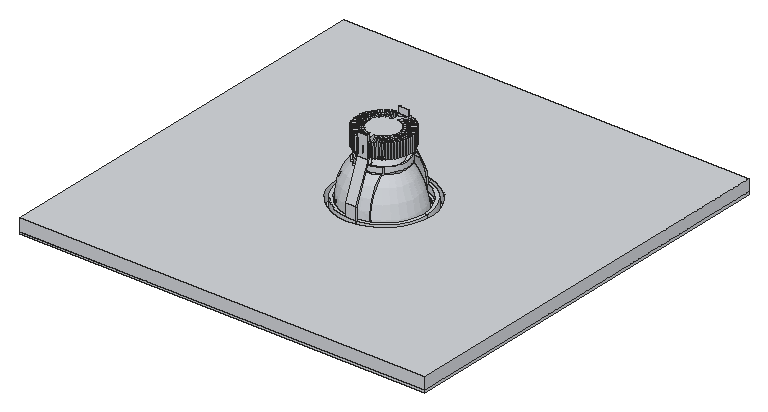
Revit family "Trimless VPX124 Corner Wallwasher", category Lighting Fixtures, Revit 2014
Parameters (values of type "Trimless VPX124 Corner Wallasher")
  Wattage Comments = "19.5"
  Wattage = 19.5 W
  built-in parameter 1150110 = 1 (stored number, unit not read)
  Type Comments = "Recessed Trimless"
  Type = "Trimless VPX124 Corner Wallwasher"
  built-in parameter 1114217 = 1 (stored number, unit not read)
  Tilt Angle = 90.00°
  built-in parameter 1150109 = 1 (stored number, unit not read)
  built-in parameter 1150134 = (empty or 0)
  built-in parameter 1150113 = 1 (stored number, unit not read)
  Photometric Web File = "C3708.ies"
  O/A Diameter (mm) = "124"
  Model = "VPX124 Corner Wallwasher"
  Manufacturer = "Designed Architectural Lighting"
  Luminous flux of luminaire (lm) = "2000"
  Lumens = 1998.75 lm
  built-in parameter 1150115 = 1 (stored number, unit not read)
  built-in parameter 1150105 = 159.06 (stored number, unit not read)
  built-in parameter 1150137 = (empty or 0)
  built-in parameter 1150139 = (empty or 0)
  built-in parameter 1150112 = 1 (stored number, unit not read)
  built-in parameter 1150114 = 1 (stored number, unit not read)
  Lamp = "LED"
  built-in parameter 1150132 = (empty or 0)
  built-in parameter 1150102 = (empty or 0)
  built-in parameter 1150138 = (empty or 0)
  built-in parameter 1150107 = 3000 (stored number, unit not read)
  built-in parameter 1150106 = 1.5906 (stored number, unit not read)
  Height (mm) = "125"
  built-in parameter 1150104 = 9.5226 (stored number, unit not read)
  Dimming Lamp Color Temperature Shift = <None>
  Description = "Recessed low brightness LED corner wallwasher"
  Cut Out (mm) = "140"
  Colour temperature (K) = "27000/3000/3500/4000"
  Color Filter = 16777215
  CRI = "80"
  built-in parameter 1114218 = 1 (stored number, unit not read)
  built-in parameter 1150133 = 10 (stored number, unit not read)
  Apparent Load = 19.5 VA
  Aperture (mm) = "104"
Reference planes
  plane 1 "Light Source Axis (F/B)": y = 0
  plane 2: z = 0
  plane 3 "Light Source Axis (L/R)": x = 0
  plane 4 "Light Source Elevation": z = 0
Forms (mm)
  Revolve 1, solid
    sketch origin (0, 0, 0) x (0, 1, 0) y (0, 0, 1)
      loop
        line (32.218, 76.537) -> (28.444, 76.537)
        arc (28.444, 76.537) -> (26.215, 75.748) -> (24.979, 73.732) r 3.542
        arc (24.979, 73.732) -> (15.057, 61.32) -> (0, 56.241) r 28.205
        line (0, 56.241) -> (0, 53.625)
        arc (0, 53.625) -> (17.499, 59.158) -> (28.444, 73.891) r 29.818
        line (28.444, 73.891) -> (32.218, 73.891) -> (32.218, 76.537)
      axis (0, 76.537) -> (0, 53.625)
    angle from 0 to 360
  Extrusion 2, solid
    sketch origin (1.875, -0.625, 0) x (1, 0, 0) y (0, 1, 0)
      loop
        line (-8.491, -38.066) -> (-8.491, -39.735) -> (6.509, -39.735) -> (6.509, -38.066) -> (-8.491, -38.066)
    from 92.996 to 125.22
  Extrusion 3, solid
    sketch origin (2.075, 80.578, 0) x (1, 0, 0) y (0, 1, 0)
      loop
        line (-9.083, -44.263) -> (-9.083, -45.652) -> (5.917, -45.652) -> (5.917, -44.263) -> (-9.083, -44.263)
    from 92.996 to 126.242
  Extrusion 4, solid
    sketch origin (2.075, -30.991, 0) x (1, 0, 0) y (0, 1, 0)
      loop
        line (-8.69, -30.82) -> (-8.69, -32.379) -> (6.31, -32.379) -> (6.31, -30.82) -> (-8.69, -30.82)
    from 3.8 to 40.975
  Extrusion 5, solid
    sketch origin (2.075, -21.759, 34.16) x (1, 0, 0) y (0, 0.914866, -0.403758)
      loop
        line (-8.69, -39.191) -> (-8.69, -40.839) -> (6.31, -40.839) -> (6.31, -39.191) -> (-8.69, -39.191)
    from -10.751 to 47.238
  Extrusion 6, solid
    sketch origin (2.075, 94.051, 69.507) x (1, 0, 0) y (0, 0.889554, 0.45683)
      loop
        line (-9.083, -40.714) -> (-9.083, -41.951) -> (5.917, -41.951) -> (5.917, -40.714) -> (-9.083, -40.714)
    from -11.237 to 48.07
  Extrusion 7, solid
    sketch origin (2.075, 110.905, 0) x (1, 0, 0) y (0, 1, 0)
      loop
        line (-9.083, -47.907) -> (-9.083, -49.183) -> (5.917, -49.183) -> (5.917, -47.907) -> (-9.083, -47.907)
    from 3.8 to 40.975
  Revolve 8, solid
    sketch origin (-0.002, -0.001, 0.156) x (0, 1, 0) y (0, 0, 1)
      loop
        line (51.509, 0) -> (61.509, 0) -> (61.509, 1.419) -> (53.446, 1.419)
        arc (53.446, 1.419) -> (47.529, 38.453) -> (29.678, 71.437) r 111.611
        arc (29.678, 71.437) -> (29.923, 72.028) -> (30.514, 72.273) r 0.836
        line (30.514, 72.273) -> (33.262, 72.273)
        arc (33.262, 72.273) -> (34.281, 72.91) -> (34.679, 74.044) r 1.816
        line (34.679, 74.044) -> (34.679, 82.273) -> (33.262, 82.273) -> (33.262, 73.732) -> (29.268, 73.732)
        arc (29.268, 73.732) -> (28.406, 72.748) -> (27.978, 71.512) r 3.409
        arc (27.978, 71.512) -> (46.014, 37.819) -> (51.509, 0) r 110.622
      axis (0, 82.273) -> (0, 0)
    angle from 0 to 360
  Extrusion 9, solid
    sketch origin (-38.915, -66.166, 3.359) x (1, 0, 0) y (0, 1, 0)
      loop
        line (-261.085, 366.181) -> (-261.085, -233.819) -> (338.915, -233.819) -> (338.915, 366.181) -> (-261.085, 366.181)
      loop
        circle (38.915, 66.181) r 70
    from 0 to 18
  Revolve 10, solid
    sketch origin (0, 0, 0) x (0, 1, 0) y (0, 0, 1)
      loop
        line (32.58, 77.504) -> (25.618, 77.504) -> (19.543, 86.509)
        arc (19.543, 86.509) -> (19.242, 88.412) -> (20.857, 89.461) r 1.768
        line (20.857, 89.461) -> (27.065, 89.461)
        arc (27.065, 89.461) -> (28.652, 90.036) -> (29.779, 91.291) r 3.466
        line (29.779, 91.291) -> (29.779, 96.291) -> (28.776, 96.291) -> (28.776, 92.372)
        arc (28.776, 92.372) -> (28.206, 90.996) -> (26.83, 90.426) r 1.946
        line (26.83, 90.426) -> (20.734, 90.426)
        arc (20.734, 90.426) -> (18.503, 89.004) -> (18.665, 86.364) r 2.606
        line (18.665, 86.364) -> (25.283, 76.552) -> (32.58, 76.552) -> (32.58, 77.504)
      axis (0, 96.291) -> (0, 76.552)
    angle from 0 to 360
  Extrusion 11, solid
    sketch origin (0.632, -2.118, 0) x (0, 1, 0) y (-1, 0, 0)
      loop
        line (8.036, -21.346) -> (9.763, -25.224)
        arc (9.763, -25.224) -> (9.158, -26.377) -> (9.105, -27.677) r 2.965
        line (9.105, -27.677) -> (12.96, -37.219)
        arc (12.96, -37.219) -> (13.673, -37.522) -> (13.976, -36.809) r 0.548
        line (13.976, -36.809) -> (10.23, -27.537)
        arc (10.23, -27.537) -> (10.843, -26.092) -> (12.288, -26.705) r 1.11
        line (12.288, -26.705) -> (16.28, -35.672)
        arc (16.28, -35.672) -> (17.02, -35.956) -> (17.304, -35.216) r 0.56
        line (17.304, -35.216) -> (13.182, -25.959)
        arc (13.182, -25.959) -> (12.31, -24.958) -> (11.028, -24.618) r 2.262
        line (11.028, -24.618) -> (9.403, -20.596) -> (11.989, -19.445) -> (14.463, -22.849)
        arc (14.463, -22.849) -> (14.111, -24.102) -> (14.33, -25.385) r 2.965
        line (14.33, -25.385) -> (20.084, -33.917)
        arc (20.084, -33.917) -> (20.845, -34.065) -> (20.992, -33.305) r 0.548
        line (20.992, -33.305) -> (15.4, -25.014)
        arc (15.4, -25.014) -> (15.7, -23.474) -> (17.241, -23.773) r 1.11
        line (17.241, -23.773) -> (23.009, -31.713)
        arc (23.009, -31.713) -> (23.792, -31.837) -> (23.916, -31.055) r 0.56
        line (23.916, -31.055) -> (17.96, -22.857)
        arc (17.96, -22.857) -> (16.899, -22.059) -> (15.574, -21.994) r 2.262
        line (15.574, -21.994) -> (13.148, -18.397) -> (15.119, -16.427) -> (18.389, -19.585)
        arc (18.389, -19.585) -> (18.26, -20.88) -> (18.699, -22.105) r 2.965
        line (18.699, -22.105) -> (25.847, -29.508)
        arc (25.847, -29.508) -> (26.622, -29.522) -> (26.635, -28.747) r 0.548
        line (26.635, -28.747) -> (19.689, -21.554)
        arc (19.689, -21.554) -> (19.716, -19.985) -> (21.285, -20.012) r 1.11
        line (21.285, -20.012) -> (28.346, -26.83)
        arc (28.346, -26.83) -> (29.138, -26.816) -> (29.124, -26.024) r 0.56
        line (29.124, -26.024) -> (21.835, -18.985)
        arc (21.835, -18.985) -> (20.652, -18.383) -> (19.335, -18.549) r 2.262
        line (19.335, -18.549) -> (16.322, -15.429) -> (18.148, -13.304) -> (21.857, -15.622)
        arc (21.857, -15.622) -> (22.001, -16.916) -> (22.684, -18.023) r 2.965
        line (22.684, -18.023) -> (31.216, -23.778)
        arc (31.216, -23.778) -> (31.976, -23.63) -> (31.828, -22.87) r 0.548
        line (31.828, -22.87) -> (23.538, -17.278)
        arc (23.538, -17.278) -> (23.238, -15.737) -> (24.779, -15.438) r 1.11
        line (24.779, -15.438) -> (33.102, -20.639)
        arc (33.102, -20.639) -> (33.874, -20.461) -> (33.696, -19.689) r 0.56
        line (33.696, -19.689) -> (25.103, -14.319)
        arc (25.103, -14.319) -> (23.821, -13.977) -> (22.567, -14.412) r 2.262
        line (22.567, -14.412) -> (18.971, -11.987) -> (20.87, -9.394) -> (24.954, -10.962)
        arc (24.954, -10.962) -> (25.341, -12.204) -> (26.224, -13.161) r 2.965
        line (26.224, -13.161) -> (35.697, -17.182)
        arc (35.697, -17.182) -> (36.415, -16.892) -> (36.125, -16.174) r 0.548
        line (36.125, -16.174) -> (26.92, -12.267)
        arc (26.92, -12.267) -> (26.332, -10.811) -> (27.787, -10.224) r 1.11
        line (27.787, -10.224) -> (36.95, -13.741)
        arc (36.95, -13.741) -> (37.673, -13.419) -> (37.351, -12.695) r 0.56
        line (37.351, -12.695) -> (27.891, -9.063)
        arc (27.891, -9.063) -> (26.567, -8.972) -> (25.42, -9.639) r 2.262
        line (25.42, -9.639) -> (21.427, -7.944) -> (22.262, -3.209) -> (24.741, -3.209)
        arc (24.741, -3.209) -> (29.592, -5.948) -> (34.984, -7.347) r 21.462
        line (34.984, -7.347) -> (36.065, -8.428) -> (39.133, -8.428) -> (39.133, -7.36) -> (36.601, -7.36) -> (36.601, 7.64) -> (39.186, 7.64) -> (39.186, 8.514) -> (36.351, 8.514) -> (34.984, 7.592) -> (34.984, -2.408)
        arc (34.984, -2.408) -> (34.341, -3.853) -> (32.76, -3.798) r 1.415
        line (32.76, -3.798) -> (31.024, -2.537) -> (31.024, 3.409) -> (22.339, 3.409) -> (21.555, 7.853) -> (25.597, 9.568)
        arc (25.597, 9.568) -> (26.744, 8.901) -> (28.067, 8.992) r 2.262
        line (28.067, 8.992) -> (37.528, 12.624)
        arc (37.528, 12.624) -> (37.85, 13.348) -> (37.126, 13.67) r 0.56
        line (37.126, 13.67) -> (27.963, 10.153)
        arc (27.963, 10.153) -> (26.508, 10.741) -> (27.096, 12.196) r 1.11
        line (27.096, 12.196) -> (36.301, 16.103)
        arc (36.301, 16.103) -> (36.591, 16.821) -> (35.873, 17.111) r 0.548
        line (35.873, 17.111) -> (26.4, 13.09)
        arc (26.4, 13.09) -> (25.518, 12.133) -> (25.13, 10.891) r 2.965
        line (25.13, 10.891) -> (21.047, 9.323) -> (19.147, 11.916) -> (22.744, 14.341)
        arc (22.744, 14.341) -> (23.997, 13.906) -> (25.279, 14.248) r 2.262
        line (25.279, 14.248) -> (33.873, 19.618)
        arc (33.873, 19.618) -> (34.051, 20.39) -> (33.279, 20.568) r 0.56
        line (33.279, 20.568) -> (24.955, 15.367)
        arc (24.955, 15.367) -> (23.415, 15.666) -> (23.714, 17.207) r 1.11
        line (23.714, 17.207) -> (32.005, 22.799)
        arc (32.005, 22.799) -> (32.152, 23.559) -> (31.392, 23.707) r 0.548
        line (31.392, 23.707) -> (22.861, 17.952)
        arc (22.861, 17.952) -> (22.177, 16.845) -> (22.034, 15.551) r 2.965
        line (22.034, 15.551) -> (18.324, 13.233) -> (16.498, 15.358) -> (19.512, 18.478)
        arc (19.512, 18.478) -> (20.828, 18.312) -> (22.011, 18.914) r 2.262
        line (22.011, 18.914) -> (29.3, 25.953)
        arc (29.3, 25.953) -> (29.314, 26.745) -> (28.522, 26.759) r 0.56
        line (28.522, 26.759) -> (21.462, 19.941)
        arc (21.462, 19.941) -> (19.893, 19.914) -> (19.865, 21.483) r 1.11
        line (19.865, 21.483) -> (26.812, 28.676)
        arc (26.812, 28.676) -> (26.798, 29.451) -> (26.024, 29.437) r 0.548
        line (26.024, 29.437) -> (18.875, 22.034)
        arc (18.875, 22.034) -> (18.437, 20.809) -> (18.566, 19.514) r 2.965
        line (18.566, 19.514) -> (15.419, 16.475) -> (13.325, 18.326) -> (15.751, 21.923)
        arc (15.751, 21.923) -> (17.076, 21.988) -> (18.136, 22.786) r 2.262
        line (18.136, 22.786) -> (24.092, 30.984)
        arc (24.092, 30.984) -> (23.969, 31.766) -> (23.186, 31.642) r 0.56
        line (23.186, 31.642) -> (17.417, 23.702)
        arc (17.417, 23.702) -> (15.876, 23.403) -> (15.577, 24.943) r 1.11
        line (15.577, 24.943) -> (21.169, 33.234)
        arc (21.169, 33.234) -> (21.021, 33.994) -> (20.261, 33.846) r 0.548
        line (20.261, 33.846) -> (14.506, 25.315)
        arc (14.506, 25.315) -> (14.287, 24.031) -> (14.639, 22.778) r 2.965
        line (14.639, 22.778) -> (12.068, 19.24) -> (9.579, 20.525) -> (11.204, 24.548)
        arc (11.204, 24.548) -> (12.487, 24.887) -> (13.358, 25.888) r 2.262
        line (13.358, 25.888) -> (17.48, 35.145)
        arc (17.48, 35.145) -> (17.196, 35.885) -> (16.456, 35.601) r 0.56
        line (16.456, 35.601) -> (12.464, 26.634)
        arc (12.464, 26.634) -> (11.02, 26.021) -> (10.406, 27.466) r 1.11
        line (10.406, 27.466) -> (14.152, 36.738)
        arc (14.152, 36.738) -> (13.85, 37.451) -> (13.137, 37.148) r 0.548
        line (13.137, 37.148) -> (9.282, 27.606)
        arc (9.282, 27.606) -> (9.334, 26.306) -> (9.939, 25.153) r 2.965
        line (9.939, 25.153) -> (8.16, 21.157) -> (5.456, 21.949) -> (6.209, 26.222)
        arc (6.209, 26.222) -> (7.393, 26.82) -> (8.038, 27.98) r 2.262
        line (8.038, 27.98) -> (10.144, 37.892)
        arc (10.144, 37.892) -> (9.713, 38.557) -> (9.048, 38.125) r 0.56
        line (9.048, 38.125) -> (7.008, 28.525)
        arc (7.008, 28.525) -> (5.722, 27.625) -> (4.822, 28.91) r 1.11
        line (4.822, 28.91) -> (6.558, 38.758)
        arc (6.558, 38.758) -> (6.114, 39.393) -> (5.48, 38.949) r 0.548
        line (5.48, 38.949) -> (3.693, 28.814)
        arc (3.693, 28.814) -> (4.015, 27.553) -> (4.846, 26.551) r 2.965
        line (4.846, 26.551) -> (3.936, 22.272) -> (0.629, 22.571) -> (0.629, 26.945)
        arc (0.629, 26.945) -> (1.65, 27.752) -> (2.227, 28.919) r 2.965
        line (2.227, 28.919) -> (2.586, 39.204)
        arc (2.586, 39.204) -> (2.058, 39.77) -> (1.492, 39.242) r 0.548
        line (1.492, 39.242) -> (1.143, 29.248)
        arc (1.143, 29.248) -> (-0.005, 28.178) -> (-1.076, 29.325) r 1.11
        line (-1.076, 29.325) -> (-1.076, 39.14)
        arc (-1.076, 39.14) -> (-1.636, 39.7) -> (-2.196, 39.14) r 0.56
        line (-2.196, 39.14) -> (-2.196, 29.007)
        arc (-2.196, 29.007) -> (-1.807, 27.738) -> (-0.773, 26.906) r 2.262
        line (-0.773, 26.906) -> (-0.925, 22.571) -> (-3.664, 22.35) -> (-4.573, 26.629)
        arc (-4.573, 26.629) -> (-3.742, 27.631) -> (-3.42, 28.892) r 2.965
        line (-3.42, 28.892) -> (-5.207, 39.026)
        arc (-5.207, 39.026) -> (-5.842, 39.471) -> (-6.286, 38.836) r 0.548
        line (-6.286, 38.836) -> (-4.55, 28.988)
        arc (-4.55, 28.988) -> (-5.45, 27.703) -> (-6.735, 28.603) r 1.11
        line (-6.735, 28.603) -> (-8.776, 38.203)
        arc (-8.776, 38.203) -> (-9.441, 38.635) -> (-9.872, 37.97) r 0.56
        line (-9.872, 37.97) -> (-7.765, 28.058)
        arc (-7.765, 28.058) -> (-7.121, 26.898) -> (-5.937, 26.3) r 2.262
        line (-5.937, 26.3) -> (-5.184, 22.027) -> (-7.888, 21.235) -> (-9.667, 25.231)
        arc (-9.667, 25.231) -> (-9.062, 26.384) -> (-9.009, 27.684) r 2.965
        line (-9.009, 27.684) -> (-12.864, 37.226)
        arc (-12.864, 37.226) -> (-13.577, 37.529) -> (-13.88, 36.816) r 0.548
        line (-13.88, 36.816) -> (-10.134, 27.544)
        arc (-10.134, 27.544) -> (-10.747, 26.099) -> (-12.192, 26.712) r 1.11
        line (-12.192, 26.712) -> (-16.184, 35.679)
        arc (-16.184, 35.679) -> (-16.924, 35.963) -> (-17.208, 35.223) r 0.56
        line (-17.208, 35.223) -> (-13.086, 25.966)
        arc (-13.086, 25.966) -> (-12.215, 24.965) -> (-10.932, 24.625) r 2.262
        line (-10.932, 24.625) -> (-9.307, 20.603) -> (-11.796, 19.318) -> (-14.367, 22.856)
        arc (-14.367, 22.856) -> (-14.015, 24.109) -> (-14.234, 25.393) r 2.965
        line (-14.234, 25.393) -> (-19.988, 33.924)
        arc (-19.988, 33.924) -> (-20.749, 34.072) -> (-20.897, 33.312) r 0.548
        line (-20.897, 33.312) -> (-15.305, 25.021)
        arc (-15.305, 25.021) -> (-15.604, 23.481) -> (-17.145, 23.78) r 1.11
        line (-17.145, 23.78) -> (-22.914, 31.72)
        arc (-22.914, 31.72) -> (-23.696, 31.844) -> (-23.82, 31.062) r 0.56
        line (-23.82, 31.062) -> (-17.864, 22.864)
        arc (-17.864, 22.864) -> (-16.804, 22.066) -> (-15.478, 22.001) r 2.262
        line (-15.478, 22.001) -> (-13.053, 18.404) -> (-15.147, 16.553) -> (-18.293, 19.592)
        arc (-18.293, 19.592) -> (-18.165, 20.887) -> (-18.603, 22.112) r 2.965
        line (-18.603, 22.112) -> (-25.752, 29.515)
        arc (-25.752, 29.515) -> (-26.526, 29.529) -> (-26.54, 28.754) r 0.548
        line (-26.54, 28.754) -> (-19.593, 21.561)
        arc (-19.593, 21.561) -> (-19.62, 19.992) -> (-21.19, 20.019) r 1.11
        line (-21.19, 20.019) -> (-28.25, 26.837)
        arc (-28.25, 26.837) -> (-29.042, 26.823) -> (-29.028, 26.031) r 0.56
        line (-29.028, 26.031) -> (-21.739, 18.992)
        arc (-21.739, 18.992) -> (-20.556, 18.39) -> (-19.24, 18.556) r 2.262
        line (-19.24, 18.556) -> (-16.226, 15.436) -> (-18.052, 13.311) -> (-21.761, 15.629)
        arc (-21.761, 15.629) -> (-21.905, 16.923) -> (-22.588, 18.03) r 2.965
        line (-22.588, 18.03) -> (-31.12, 23.785)
        arc (-31.12, 23.785) -> (-31.88, 23.637) -> (-31.732, 22.877) r 0.548
        line (-31.732, 22.877) -> (-23.442, 17.285)
        arc (-23.442, 17.285) -> (-23.143, 15.744) -> (-24.683, 15.445) r 1.11
        line (-24.683, 15.445) -> (-33.007, 20.646)
        arc (-33.007, 20.646) -> (-33.779, 20.468) -> (-33.6, 19.696) r 0.56
        line (-33.6, 19.696) -> (-25.007, 14.326)
        arc (-25.007, 14.326) -> (-23.725, 13.984) -> (-22.472, 14.419) r 2.262
        line (-22.472, 14.419) -> (-18.979, 12.063) -> (-20.774, 9.401) -> (-24.858, 10.969)
        arc (-24.858, 10.969) -> (-25.245, 12.211) -> (-26.128, 13.168) r 2.965
        line (-26.128, 13.168) -> (-35.601, 17.189)
        arc (-35.601, 17.189) -> (-36.319, 16.899) -> (-36.029, 16.181) r 0.548
        line (-36.029, 16.181) -> (-26.824, 12.274)
        arc (-26.824, 12.274) -> (-26.236, 10.819) -> (-27.691, 10.231) r 1.11
        line (-27.691, 10.231) -> (-36.854, 13.748)
        arc (-36.854, 13.748) -> (-37.578, 13.426) -> (-37.255, 12.702) r 0.56
        line (-37.255, 12.702) -> (-27.795, 9.07)
        arc (-27.795, 9.07) -> (-26.471, 8.979) -> (-25.324, 9.646) r 2.262
        line (-25.324, 9.646) -> (-21.289, 7.933) -> (-22.142, 3.096) -> (-24.544, 3.096)
        arc (-24.544, 3.096) -> (-29.395, 5.836) -> (-34.788, 7.235) r 21.462
        line (-34.788, 7.235) -> (-35.869, 8.316) -> (-38.936, 8.316) -> (-38.936, 7.247) -> (-36.404, 7.247) -> (-36.404, -7.753) -> (-38.989, -7.753) -> (-38.989, -8.626) -> (-36.154, -8.626) -> (-34.788, -7.705) -> (-34.788, 2.295)
        arc (-34.788, 2.295) -> (-34.144, 3.741) -> (-32.563, 3.686) r 1.415
        line (-32.563, 3.686) -> (-30.827, 2.424) -> (-30.827, -3.521) -> (-22.142, -3.521) -> (-21.155, -7.866) -> (-25.148, -9.561)
        arc (-25.148, -9.561) -> (-26.295, -8.894) -> (-27.619, -8.985) r 2.262
        line (-27.619, -8.985) -> (-37.079, -12.617)
        arc (-37.079, -12.617) -> (-37.401, -13.341) -> (-36.677, -13.663) r 0.56
        line (-36.677, -13.663) -> (-27.514, -10.146)
        arc (-27.514, -10.146) -> (-26.059, -10.734) -> (-26.647, -12.189) r 1.11
        line (-26.647, -12.189) -> (-35.852, -16.096)
        arc (-35.852, -16.096) -> (-36.142, -16.814) -> (-35.424, -17.104) r 0.548
        line (-35.424, -17.104) -> (-25.951, -13.083)
        arc (-25.951, -13.083) -> (-25.069, -12.126) -> (-24.681, -10.884) r 2.965
        line (-24.681, -10.884) -> (-20.598, -9.316) -> (-18.802, -11.978) -> (-22.295, -14.334)
        arc (-22.295, -14.334) -> (-23.548, -13.899) -> (-24.83, -14.241) r 2.262
        line (-24.83, -14.241) -> (-33.424, -19.611)
        arc (-33.424, -19.611) -> (-33.602, -20.383) -> (-32.83, -20.561) r 0.56
        line (-32.83, -20.561) -> (-24.507, -15.36)
        arc (-24.507, -15.36) -> (-22.966, -15.659) -> (-23.266, -17.2) r 1.11
        line (-23.266, -17.2) -> (-31.556, -22.792)
        arc (-31.556, -22.792) -> (-31.704, -23.552) -> (-30.943, -23.7) r 0.548
        line (-30.943, -23.7) -> (-22.412, -17.945)
        arc (-22.412, -17.945) -> (-21.728, -16.838) -> (-21.585, -15.544) r 2.965
        line (-21.585, -15.544) -> (-17.876, -13.226) -> (-16.05, -15.351) -> (-19.063, -18.471)
        arc (-19.063, -18.471) -> (-20.38, -18.305) -> (-21.562, -18.907) r 2.262
        line (-21.562, -18.907) -> (-28.852, -25.946)
        arc (-28.852, -25.946) -> (-28.866, -26.738) -> (-28.073, -26.752) r 0.56
        line (-28.073, -26.752) -> (-21.013, -19.934)
        arc (-21.013, -19.934) -> (-19.444, -19.907) -> (-19.417, -21.476) r 1.11
        line (-19.417, -21.476) -> (-26.363, -28.669)
        arc (-26.363, -28.669) -> (-26.35, -29.444) -> (-25.575, -29.43) r 0.548
        line (-25.575, -29.43) -> (-18.426, -22.027)
        arc (-18.426, -22.027) -> (-17.988, -20.802) -> (-18.117, -19.507) r 2.965
        line (-18.117, -19.507) -> (-14.971, -16.468) -> (-12.876, -18.319) -> (-15.302, -21.916)
        arc (-15.302, -21.916) -> (-16.627, -21.981) -> (-17.688, -22.779) r 2.262
        line (-17.688, -22.779) -> (-23.644, -30.977)
        arc (-23.644, -30.977) -> (-23.52, -31.759) -> (-22.737, -31.635) r 0.56
        line (-22.737, -31.635) -> (-16.968, -23.695)
        arc (-16.968, -23.695) -> (-15.428, -23.396) -> (-15.128, -24.936) r 1.11
        line (-15.128, -24.936) -> (-20.72, -33.227)
        arc (-20.72, -33.227) -> (-20.572, -33.987) -> (-19.812, -33.839) r 0.548
        line (-19.812, -33.839) -> (-14.057, -25.308)
        arc (-14.057, -25.308) -> (-13.838, -24.024) -> (-14.19, -22.771) r 2.965
        line (-14.19, -22.771) -> (-11.619, -19.233) -> (-9.13, -20.518) -> (-10.756, -24.541)
        arc (-10.756, -24.541) -> (-12.038, -24.88) -> (-12.91, -25.881) r 2.262
        line (-12.91, -25.881) -> (-17.031, -35.138)
        arc (-17.031, -35.138) -> (-16.747, -35.878) -> (-16.008, -35.594) r 0.56
        line (-16.008, -35.594) -> (-12.016, -26.627)
        arc (-12.016, -26.627) -> (-10.571, -26.014) -> (-9.958, -27.459) r 1.11
        line (-9.958, -27.459) -> (-13.704, -36.731)
        arc (-13.704, -36.731) -> (-13.401, -37.444) -> (-12.688, -37.141) r 0.548
        line (-12.688, -37.141) -> (-8.833, -27.599)
        arc (-8.833, -27.599) -> (-8.886, -26.299) -> (-9.49, -25.146) r 2.965
        line (-9.49, -25.146) -> (-7.711, -21.15) -> (-5.621, -22.23) -> (-6.224, -26.518)
        arc (-6.224, -26.518) -> (-7.386, -27.158) -> (-7.99, -28.34) r 2.262
        line (-7.99, -28.34) -> (-9.749, -38.319)
        arc (-9.749, -38.319) -> (-9.295, -38.968) -> (-8.646, -38.514) r 0.56
        line (-8.646, -38.514) -> (-6.942, -28.848)
        arc (-6.942, -28.848) -> (-5.688, -27.904) -> (-4.744, -29.157) r 1.11
        line (-4.744, -29.157) -> (-6.135, -39.06)
        arc (-6.135, -39.06) -> (-5.669, -39.678) -> (-5.051, -39.212) r 0.548
        line (-5.051, -39.212) -> (-3.618, -29.021)
        arc (-3.618, -29.021) -> (-3.984, -27.772) -> (-4.85, -26.8) r 2.965
        line (-4.85, -26.8) -> (-4.09, -22.492) -> (-0.819, -23.069) -> (-0.666, -27.446)
        arc (-0.666, -27.446) -> (-1.7, -28.278) -> (-2.089, -29.546) r 2.262
        line (-2.089, -29.546) -> (-2.089, -39.679)
        arc (-2.089, -39.679) -> (-1.529, -40.24) -> (-0.968, -39.679) r 0.56
        line (-0.968, -39.679) -> (-0.968, -29.865)
        arc (-0.968, -29.865) -> (0.102, -28.717) -> (1.25, -29.787) r 1.11
        line (1.25, -29.787) -> (1.599, -39.781)
        arc (1.599, -39.781) -> (2.165, -40.309) -> (2.694, -39.743) r 0.548
        line (2.694, -39.743) -> (2.334, -29.458)
        arc (2.334, -29.458) -> (1.757, -28.291) -> (0.736, -27.484) r 2.965
        line (0.736, -27.484) -> (0.736, -23.11) -> (4.345, -22.474) -> (5.122, -26.878)
        arc (5.122, -26.878) -> (4.256, -27.85) -> (3.891, -29.099) r 2.965
        line (3.891, -29.099) -> (5.323, -39.29)
        arc (5.323, -39.29) -> (5.941, -39.756) -> (6.408, -39.138) r 0.548
        line (6.408, -39.138) -> (5.016, -29.235)
        arc (5.016, -29.235) -> (5.96, -27.981) -> (7.214, -28.926) r 1.11
        line (7.214, -28.926) -> (8.918, -38.592)
        arc (8.918, -38.592) -> (9.567, -39.046) -> (10.022, -38.397) r 0.56
        line (10.022, -38.397) -> (8.262, -28.418)
        arc (8.262, -28.418) -> (7.658, -27.236) -> (6.496, -26.596) r 2.262
        line (6.496, -26.596) -> (5.892, -22.3) -> (8.036, -21.346)
    from 96.291 to 117.627
  Revolve 12, solid
    sketch origin (0, 0.01, 1.25) x (0, 1, 0) y (0, 0, 1)
      loop
        line (53.08, 1.419) -> (54.471, 1.419) -> (54.832, 2.643)
        arc (54.832, 2.643) -> (56.16, 39.832) -> (39.444, 73.079) r 74.979
        line (39.444, 73.079) -> (36.165, 73.079) -> (36.165, 81.192) -> (34.654, 81.192) -> (34.654, 71.192) -> (38.773, 71.192)
        arc (38.773, 71.192) -> (55.028, 38.172) -> (53.08, 1.419) r 72.895
      axis (0, 81.192) -> (0, 1.419)
    angle from 0 to 360
  Extrusion 13, void
    sketch origin (0, 0, -146.25) x (0, 1, 0) y (0, 0, 1)
      loop
        line (71.806, 231.25) -> (-71.501, 231.25) -> (-71.501, 142.627) -> (71.806, 142.627) -> (71.806, 231.25)
    from 21.012 to 63.28
  Extrusion 14, void
    sketch origin (0, 0, -149.844) x (0, 1, 0) y (0, 0, 1)
      loop
        line (54.365, 152.513) -> (54.365, 223.735) -> (-53.389, 223.735) -> (-53.389, 152.513) -> (54.365, 152.513)
    from -58.548 to -6.616
  Revolve 15, solid
    sketch origin (0, 0, 0) x (1, 0, 0) y (0, 0, 1)
      loop
        line (-61.524, 0.162) -> (-61.524, 1.656) -> (-60.366, 1.656) -> (-60.366, 10.169) -> (-57.081, 10.169) -> (-57.081, 12.23) -> (-59.73, 12.23) -> (-59.73, 22.23) -> (-64.077, 22.23) -> (-64.077, 5.296) -> (-68.921, 5.296) -> (-68.921, 3.22) -> (-65.416, 3.22) -> (-62.978, 3.22) -> (-62.328, 0.162) -> (-61.524, 0.162)
      axis (0, 22.23) -> (0, 0.162)
    angle from 0 to 360
  Extrusion 16, solid
    sketch origin (-38.915, -66.166, 3.359) x (1, 0, 0) y (0, 1, 0)
      loop
        line (-261.085, 366.181) -> (-261.085, -233.819) -> (338.915, -233.819) -> (338.915, 366.181) -> (-261.085, 366.181)
      loop
        circle (38.915, 66.181) r 62
    from -3.359 to 0
Cuts and joins
  Extrusion 13 cuts Revolve 12
  Extrusion 14 cuts Revolve 8
Dimensions and locks
  aligned and locked: plane 3 "Light Source Axis (L/R)" to imposter light
  aligned and locked: plane 1 "Light Source Axis (F/B)" to imposter light
  aligned and locked: plane 4 "Light Source Elevation" to imposter light
  aligned and locked: level to plane 2
